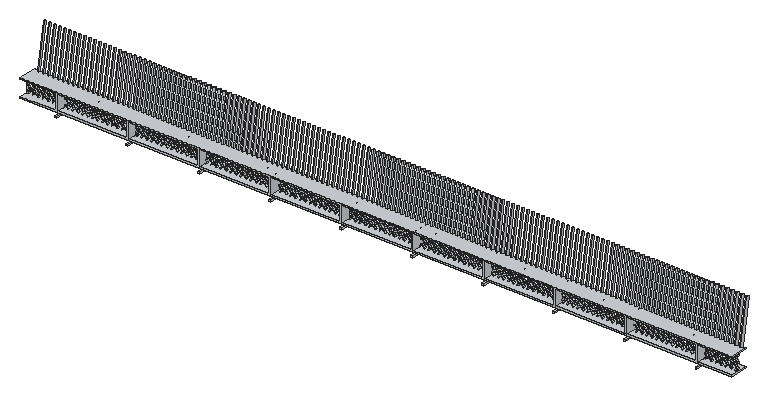
Revit family "Nedsale_venti panlat_Generic Model_2017", category Generic Models, Revit 2017 (continued)
Definition of nested family "Nedsale_dakvoet_kam_Generic Model_2015"
  Automatic sketch dimensions
    Extrusion 1 sketch curve to Extrusion 1 sketch curve = 2.064 mm
    Extrusion 1 sketch curve to Extrusion 1 sketch curve = 2.067 mm
    Extrusion 1 sketch curve to Extrusion 1 sketch curve = 1.418 mm  (x2)
    Extrusion 1 sketch curve to Extrusion 1 sketch curve = 16.908 mm
    Extrusion 1 sketch curve to Extrusion 1 sketch curve = 1.228 mm
    Extrusion 1 sketch curve to Extrusion 1 sketch curve = 7.505 mm
    Extrusion 1 sketch curve to Extrusion 1 sketch curve = 1.038 mm
    Extrusion 1 sketch curve to Extrusion 1 sketch curve = 6.087 mm
    Extrusion 1 sketch curve to Extrusion 1 sketch curve = 0.703 mm
    Extrusion 1 sketch curve to Extrusion 1 sketch curve = 19.19 mm
    Extrusion 1 sketch curve to Extrusion 1 sketch curve = 0.005 mm  (x3)
    Extrusion 1 sketch curve to Extrusion 1 sketch curve = 19.825 mm
    Extrusion 1 sketch curve to Extrusion 1 sketch curve = 0.004 mm
    Extrusion 1 sketch curve to Extrusion 1 sketch curve = 20.156 mm
    Extrusion 1 sketch curve to Extrusion 1 sketch curve = 19.894 mm
    Extrusion 1 sketch curve to Extrusion 1 sketch curve = 20.052 mm
    Extrusion 1 sketch curve to Extrusion 1 sketch curve = 0.003 mm
    Extrusion 1 sketch curve to Extrusion 1 sketch curve = 19.225 mm
    Extrusion 1 sketch curve to Extrusion 1 sketch curve = 0.63 mm
    Extrusion 1 sketch curve to Extrusion 1 sketch curve = 17.472 mm
    Extrusion 1 sketch curve to Extrusion 1 sketch curve = 1.594 mm
    Extrusion 2 sketch curve to plane 5 = 0 mm  (x142)
    Extrusion 2 sketch curve to plane 1 "Center (Front/Back)" = 0 mm  (x142)
    level to Extrusion 2 sketch curve = 6 mm
    Extrusion 2 sketch curve to Extrusion 2 sketch curve = 2 mm  (x142)
    Extrusion 2 sketch curve to Extrusion 2 sketch curve = 5 mm  (x141)
